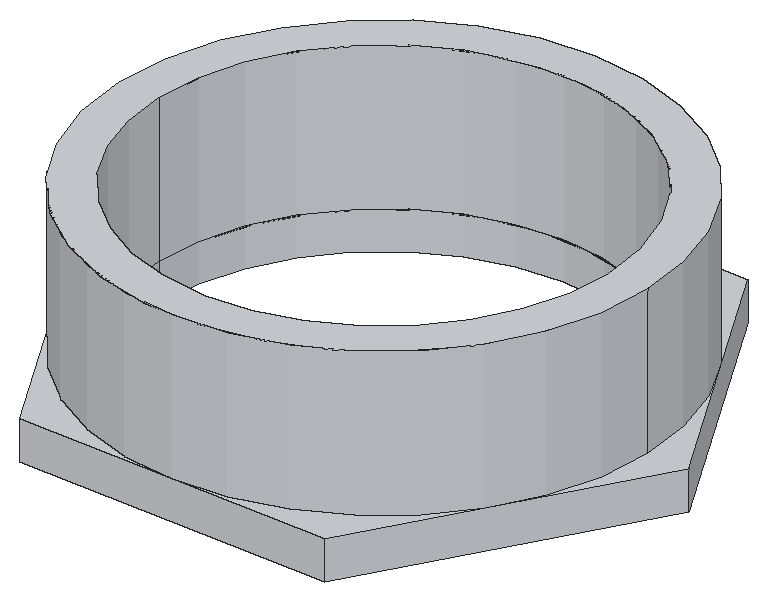
Revit family "MBBL9", category Generic Models, Revit 2017
Family settings
  Can host rebar = No
  Round Connector Dimension = Use Diameter
  Part Type = Normal
  Work Plane-Based = Yes
  Always vertical = No
  Cut with Voids When Loaded = No
  Shared = No
  Room Calculation Point = No
Parameters (values of type "NBS Standard Parameters")
  Weight = "0.1635Kg"
  WarrantyStartDate [instance] = "1900-12-31T23:59:59"
  WarrantyGuarantorParts = "n/a"
  WarrantyGuarantorLabor = "n/a"
  WarrantyDurationUnit = "1 year"
  WarrantyDurationParts = "1 year"
  WarrantyDurationLabor = "n/a"
  WarrantyDescription = "n/a"
  Version = "1"
  Uniclass2 = "Pr_65_70_11_20"
  TagNumber [instance] = "n/a"
  SustainabilityPerformance = "n/a"
  Size = "3\""
  Shape = "Circular"
  SerialNumber [instance] = "n/a"
  Revision = "n/a"
  ReplacementCost = "n/a"
  ProductInformation = "www.metpro.co.uk/pdf/mbbl9.pdf"
  NominalWidth = 80 mm
  NominalLength = 80 mm
  NominalHeight = 28 mm
  Name = ""
  NBSTypeID = ""
  NBSReference = "90-55-10/460"
  NBSOfficeMasterTag = ""
  NBSNote = ""
  NBSDescription = "Conduit Fittings"
  NBSCertification = ""
  ModelReference = "MBBL9"
  ModelNumber = "n/a"
  Material = "Brass"
  ManufacturerURL = "www.metpro.co.uk"
  ManufacturerName = "Metpro Ltd"
  InstallationDate [instance] = "1900-12-31T23:59:59"
  IfcExportType = ""
  IfcExportAs = ""
  Grade = "n/a"
  Finish = "Self Colour"
  Features = "n/a"
  ExpectedLife = "n/a"
  DurationUnit = "year"
  Description = "MBBL9 - 3\" Male Brass Bush  -Long"
  Default Elevation = 1219.2 mm
  Constituents = "n/a"
  Color = "n/a"
  CodePerformance = "n/a"
  Category = "n/a"
  BarCode [instance] = "n/a"
  BIMObjectName = "Metpro_metprolibrary_conduitfittings_metalcomponent_brassaccessories"
  Author = "Metpro Ltd"
  AssetType = "Fixed"
  AssetIdentifier [instance] = "n/a"
  AccessibilityPerformance = "n/a"
Reference planes
  plane 1 "Center (Front/Back)": y = 0
  plane 2: z = 0
  plane 3 "Center (Left/Right)": x = 0
Forms (mm)
  Extrusion 1, solid
    sketch origin (0, 0, 0) x (1, 0, 0) y (0, 1, 0)
      loop
        circle (8.689, 13.293) r 34
      loop
        line (31.783, -26.707) -> (54.877, 13.293) -> (31.783, 53.293) -> (-14.405, 53.293) -> (-37.499, 13.293) -> (-14.405, -26.707) -> (31.783, -26.707)
    from 0 to 5.75
  Extrusion 2, solid
    sketch origin (0, 0, 5.75) x (1, 0, 0) y (0, 1, 0)
      loop
        circle (8.689, 13.293) r 34
      loop
        circle (8.689, 13.293) r 40
    from 0 to 22.25
Dimensions and locks
  aligned and locked: level to plane 2
